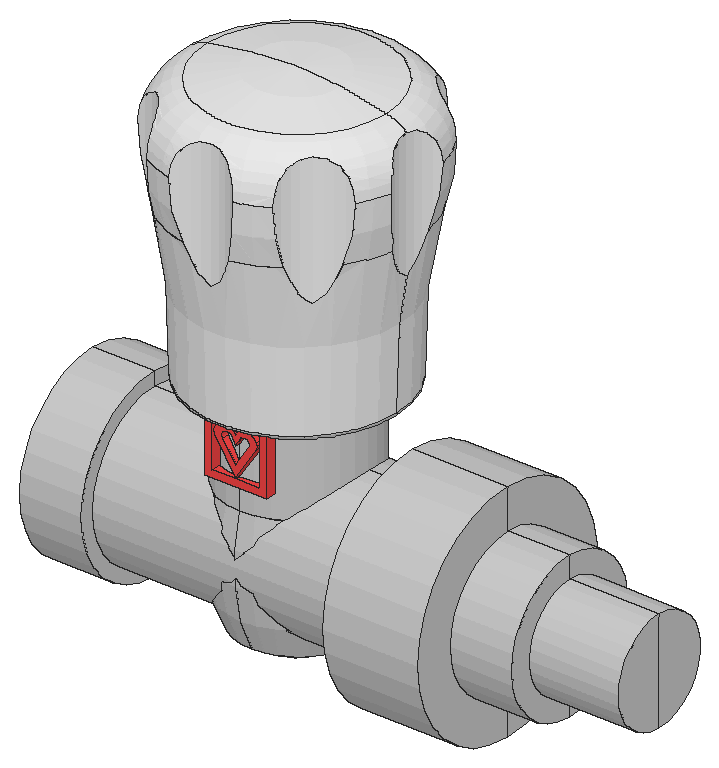
Revit family "GP Heizkörperregulierventil DG 5523", category Rohrzubehör, Revit 2021
Family settings
  Bemaßung runder Anschluss = Durchmesser verwenden
  Teiletyp = Unterbricht
  OmniClass-Nummer = 23.65.55.14
  OmniClass-Titel = Valves for Liquid Services
  Arbeitsebenenbasiert = Nein
  Immer vertikal = Ja
  Beim Laden mit Abzugskörper schneiden = Nein
  Gemeinsam genutzt = Nein
Parameters
  W01 = 60.00°  # constant formula
  Vorgabe-Ansicht = 0.000 mm
  URL = "www.herz-armaturen.at"
  SCRNSEQ = "ARM;ARM_TYP=\"ALLF\";2"
  SCRNCODE = "05;00;02"  # constant formula
  S04 = 45.000 mm  # constant formula
  S03 = 61.000 mm  # constant formula
  S02 [instance] = L05 + L06 + L07  # 53.300 mm
  S01 = 10.000 mm  # constant formula
  R05 = 25.000 mm  # constant formula
  R04 = 2.000 mm  # constant formula
  R03 = 28.000 mm  # constant formula
  R02 = 11.500 mm  # constant formula
  R01 = 10.500 mm  # constant formula
  Nennweite [instance] = 15.000 mm
  Medium = "Heizwasserqualität entsprechend ÖNORM H 5195 bzw. VDI-Richtllinie 2035."
  Max.Betriebstemperatur = 120 °C  # constant formula
  Max.Betriebsdruck = 1000000.0 Pa  # constant formula
  LO1 = 10.500 mm  # constant formula
  L07 [instance] = size_lookup("5523_", "L7", 1.000 mm, Nennweite)  # 22.300 mm
  L06 [instance] = size_lookup("5523_", "L6", 1.000 mm, Nennweite)  # 14.000 mm
  L05 [instance] = L02 - L04  # 17.000 mm
  L04 [instance] = size_lookup("5523_", "L4", 1.000 mm, Nennweite)  # 8.000 mm
  L03 [instance] = size_lookup("5523_", "L3", 1.000 mm, Nennweite)  # 9.000 mm
  L02 [instance] = size_lookup("5523_", "L2", 1.000 mm, Nennweite)  # 25.000 mm
  L01 [instance] = size_lookup("5523_", "L1", 1.000 mm, Nennweite)  # 30.000 mm
  Hersteller = "HERZ Armaturen Ges.m.b.H."  # constant formula
  Handrad = "Kunststoff, weiß"  # constant formula
  H02 = 25.500 mm  # constant formula
  H01 = 17.000 mm  # constant formula
  Gehäuse = "vernickeltes Messing"  # constant formula
  GTI [instance] = size_lookup("5523_", "GT1", 1.000 mm, Nennweite)  # 13.200 mm
  GT [instance] = size_lookup("5523_", "GT", 1.000 mm, Nennweite)  # 9.500 mm
  G2 [instance] = Nennweite / 2  # 7.500 mm
  G1 [instance] = Nennweite / 2  # 7.500 mm
  D05 [instance] = size_lookup("5523_", "D5", 1.000 mm, Nennweite)  # 10.650 mm
  D04 [instance] = size_lookup("5523_", "D4", 1.000 mm, Nennweite)  # 16.500 mm
  D03 [instance] = size_lookup("5523_", "D3", 1.000 mm, Nennweite)  # 9.525 mm
  D02 [instance] = size_lookup("5523_", "D2", 1.000 mm, Nennweite)  # 11.500 mm
  D01 [instance] = size_lookup("5523_", "D1", 1.000 mm, Nennweite)  # 13.500 mm
  Bestellnummer [instance] = size_lookup("5523_", "Artnr", 0, Nennweite)  # 1552321
  Ausführungen = "Universalmodelle mit Spezialmuffen für Gewinderohr und Klemmsetanschluss, vernickelt."
Reference planes
  plane 1 "Mitte (Vorne/hinten)": y = 0
  plane 2: z = 0
  plane 3 "Mitte (Links/rechts)": x = 0
Forms (mm)
  Revolve 1, solid, material "Messing, weicher Gelbton, geschweißt", detail levels fine
    sketch origin (0, 0, 0) x (1, 0, 0) y (0, 0, 1)
      loop
        line (-20.5, 0) -> (25, 0) -> (25, 9.525) -> (17, 9.525) -> (17, 11.5) -> (-21, 11.5) -> (-21, 13.5) -> (-30, 13.5) -> (-30, 7.5) -> (-20.5, 7.5) -> (-20.5, 0)
      axis (-30, 0) -> (25, 0)
    angle from 0 to 360
  Revolve 2, solid, material "Messing, weicher Gelbton, geschweißt", detail levels fine
    sketch origin (0, 0, 0) x (0, 1, 0) y (0, 0, 1)
      loop
        line (0, 25.5) -> (-10.5, 25.5) -> (-10.5, 7)
        arc (-10.5, 7) -> (-11.341, -2.816) -> (-8.325, -12.194) r 25
        line (-8.325, -12.194) -> (0, -17) -> (0, 25.5)
      axis (0, -17) -> (0, 25.5)
    angle from 0 to 360
  Revolve 3, solid, material "Messing, weicher Gelbton, geschweißt", detail levels fine
    sketch origin (0, 0, 0) x (1, 0, 0) y (0, 0, 1)
      loop
        line (25, 0) -> (53.3, 0) -> (53.3, 7.5) -> (40.1, 7.5) -> (40.1, 10.65) -> (31, 10.65) -> (31, 16.5) -> (17, 16.5) -> (17, 9.525) -> (25, 9.525) -> (25, 0)
      axis (17, 0) -> (53.3, 0)
    angle from 0 to 360
Lines and regions (mm)
  model lines, detail levels coarse+medium
    curve 1: line (-30, 0, 13.5) -> (-30, 0, -13.5)
    curve 2: line (-30, 0, -13.5) -> (30, 0, 13.5)
    curve 3: line (30, 0, 13.5) -> (30, 0, -13.5)
    curve 4: line (30, 0, -13.5) -> (-30, 0, 13.5)
    curve 5: line (30, 0, 13.5) -> (40, 0, 13.5)
    curve 6: line (40, 0, 13.5) -> (30, 0, 0)
    curve 7: line (30, 0, -13.5) -> (40, 0, -13.5)
    curve 8: line (40, 0, -13.5) -> (30, 0, 0)
    curve 9: line (30, 0, 0) -> (53.3, 0, 0)
    curve 10: line (0, 0, 0) -> (0, 0, 61)
    curve 11: line (-22.5, 0, 61) -> (22.5, 0, 61)
    curve 12: line (-30, 13.5, 0) -> (-30, -13.5, 0)
    curve 13: line (-30, -13.5, 0) -> (30, 13.5, 0)
    curve 14: line (30, 13.5, 0) -> (30, -13.5, 0)
    curve 15: line (30, -13.5, 0) -> (-30, 13.5, 0)
    curve 16: line (0, 0, 0) -> (0, 61, 0)
    curve 17: line (-22.5, 61, 0) -> (22.5, 61, 0)
    curve 18: line (30, 13.5, 0) -> (40, 13.5, 0)
    curve 19: line (40, 13.5, 0) -> (30, 0, 0)
    curve 20: line (30, -13.5, 0) -> (40, -13.5, 0)
    curve 21: line (40, -13.5, 0) -> (30, 0, 0)
Dimensions and locks
  "L01": Revolve 1 sketch curve to plane 3 "Mitte (Links/rechts)"
  "L02": Revolve 1 sketch curve to plane 3 "Mitte (Links/rechts)"
  "G1": Revolve 1 sketch curve to plane 2
  "GT": Revolve 1 sketch curve to Revolve 1 sketch curve
  "D01": Revolve 1 sketch curve to Revolve 1 sketch curve
  "D02": Revolve 1 sketch curve to Revolve 1 sketch curve
  "D03": Revolve 1 sketch curve to Revolve 1 sketch curve
  "L03": Revolve 1 sketch curve to Revolve 1 sketch curve
  "L04": Revolve 1 sketch curve to Revolve 1 sketch curve
  "H01": plane 2 to Revolve 2 sketch curve
  "H02": Revolve 2 sketch curve to plane 2
  "R01": Revolve 2 sketch curve to plane 1 "Mitte (Vorne/hinten)"
  "R02": Revolve 2 sketch curve to plane 1 "Mitte (Vorne/hinten)"
  "D03": Revolve 3 sketch curve to plane 2
  "L04": Revolve 3 sketch curve to Revolve 3 sketch curve
  "L05": Revolve 3 sketch curve to plane 3 "Mitte (Links/rechts)"
  "L06": Revolve 3 sketch curve to Revolve 3 sketch curve
  "L07": Revolve 3 sketch curve to Revolve 3 sketch curve
  "D04": Revolve 3 sketch curve to Revolve 3 sketch curve
  "G2": Revolve 3 sketch curve to Revolve 3 sketch curve
  "D05": Revolve 3 sketch curve to Revolve 3 sketch curve
  "GTI": Revolve 3 sketch curve to Revolve 3 sketch curve
  "LO1": nested 2 to plane 2
  "LO1": nested 1 to nested 2
  "D01": curve 4 to plane 2 to curve 2
  "D01": curve 3 to plane 2 to curve 4
  "L01": curve 1 to plane 3 "Mitte (Links/rechts)" to curve 3
  "S01": curve 3 to curve 6
  "S02": curve 9 to plane 3 "Mitte (Links/rechts)"
  "S03": curve 10 to plane 2
  equal spacing: curve 11, curve 10, curve 11
  "S04": curve 11 to curve 11
  "L01": curve 12 to plane 3 "Mitte (Links/rechts)" to curve 14
  "D01": curve 13 to plane 1 "Mitte (Vorne/hinten)" to curve 15
  "D01": curve 15 to plane 1 "Mitte (Vorne/hinten)" to curve 14
  "S03": plane 1 "Mitte (Vorne/hinten)" to curve 16
  equal spacing: curve 17, plane 3 "Mitte (Links/rechts)", curve 17
  "S04": curve 17 to curve 17
  "S01": curve 14 to curve 19
  "S01": curve 14 to curve 21
  "R05": radius of Revolve 2 sketch curve
  "W01": angle Revolve 2 sketch curve to Revolve 2 sketch curve
  aligned and locked: level to plane 2
Automatic sketch dimensions
  curve 10 to level = 0.000 mm
  curve 9 to level = 0.000 mm
  curve 3 to curve 7 = 10.000 mm
  curve 16 to plane 3 "Mitte (Links/rechts)" = 0.000 mm
  plane 1 "Mitte (Vorne/hinten)" to curve 19 = 0.000 mm
  Revolve 1 sketch curve to level = 0.000 mm  (x2)
  Revolve 1 sketch curve to Revolve 1 sketch curve = 1436.530 mm
  Revolve 1 sketch curve to Revolve 1 sketch curve = 1779.148 mm
  Revolve 2 sketch curve to plane 1 "Mitte (Vorne/hinten)" = 0.000 mm  (x2)
  Revolve 2 sketch curve to level = 0.000 mm
  Revolve 2 sketch curve to Revolve 2 sketch curve = 98.333 mm
  Revolve 2 sketch curve to Revolve 2 sketch curve = 1236.335 mm
  Revolve 3 sketch curve to level = 0.000 mm  (x2)
  Revolve 3 sketch curve to plane 3 "Mitte (Links/rechts)" = 1506.530 mm
  Revolve 3 sketch curve to Revolve 3 sketch curve = 1789.648 mm
Nested families
  nested 1: "Handrad-Heizkörperventile" at (0, 0, 20), type "Handrad-Heizkörperventile", detail levels fine
  nested 2: "Herz-Logo-vorne" at (0, -10.5, 15) x (0, 1, 0) z (0, 0, 1), type "Herz-Logo-vorne", detail levels fine
Connectors
  piping at (-20.5, 0, 0), diameter 15, driven by "Nennweite"
    settings: on Revolve 1, index 1, connector inside diameter 609.6 mm, connector length 0.000 mm, flow factor 0, pipe flow 0.0 L/s, pressure drop 0.0 Pa, fitting loss kfactor 0, connector angle 0.00°, fixture units 0, engagement length 0.000 mm, angle of deflection 0.00°, flow configuration 0, flow direction 1, fitting loss method 0, system type 7, joint type 0, gender type 0, connector reference index -1, connector utility 0, adjustable connector no, is connector primary yes, connector description ""
  piping at (53.3, 0, 0), diameter 15, driven by "Nennweite"
    settings: on Revolve 3, index 2, connector inside diameter 609.6 mm, connector length 0.000 mm, flow factor 0, pipe flow 0.0 L/s, pressure drop 0.0 Pa, fitting loss kfactor 0, connector angle 0.00°, fixture units 0, engagement length 0.000 mm, angle of deflection 0.00°, flow configuration 0, flow direction 2, fitting loss method 0, system type 7, joint type 0, gender type 0, connector reference index -1, connector utility 0, adjustable connector no, is connector primary no, connector description ""
Definition of nested family "Handrad-Heizkörperventile"
  Parameters (values of type "Handrad-Heizkörperventile")
    Default Elevation = 0.000 mm
    T01 = 5.500 mm  # constant formula
    R01 = 10.500 mm  # constant formula
  Reference planes
    plane 1 "Mitte (Vorne/hinten)": y = 0
    plane 2: z = 0
    plane 3 "Mitte (Links/rechts)": x = 0
  Forms (mm)
    Revolve 1, solid, detail levels fine
      sketch origin (0, 0, 0) x (1, 0, 0) y (0, 0, 1)
        loop
          line (10.5, 0) -> (14.25, 0)
          arc (14.25, 0) -> (14.604, 0.146) -> (14.75, 0.5) r 0.5
          arc (14.75, 0.5) -> (15.098, 12.356) -> (17.195, 24.03) r 80
          arc (17.195, 24.03) -> (18.172, 28.281) -> (18.5, 32.63) r 29
          arc (18.5, 32.63) -> (17.011, 36.946) -> (13.177, 39.426) r 7
          arc (13.177, 39.426) -> (6.637, 40.626) -> (0, 41.028) r 55
          line (0, 41.028) -> (0, 5.5) -> (10.5, 5.5) -> (10.5, 0)
        axis (0, 41.028) -> (0, 0)
      angle from 0 to 360
    Extrusion 2, void
      sketch origin (0, 0, 0) x (1, 0, 0) y (0, 1, 0)
        loop
          arc (-16.011, 9.268) -> (-11.314, 11.314) -> (-9.268, 16.011) r 7
          arc (-9.268, 16.011) -> (-13.081, 13.081) -> (-16.011, 9.268) r 18.5
        loop
          arc (16.011, 9.268) -> (13.081, 13.081) -> (9.268, 16.011) r 18.5
          arc (9.268, 16.011) -> (11.314, 11.314) -> (16.011, 9.268) r 7
        loop
          arc (-16.011, -9.268) -> (-13.081, -13.081) -> (-9.268, -16.011) r 18.5
          arc (-9.268, -16.011) -> (-11.314, -11.314) -> (-16.011, -9.268) r 7
        loop
          arc (16.011, -9.268) -> (11.314, -11.314) -> (9.268, -16.011) r 7
          arc (9.268, -16.011) -> (13.081, -13.081) -> (16.011, -9.268) r 18.5
        loop
          arc (17.953, 4.58) -> (16.078, -0.188) -> (17.953, -4.956) r 7
          arc (17.953, -4.956) -> (18.578, -0.188) -> (17.953, 4.58) r 18.5
        loop
          arc (-17.953, 4.58) -> (-18.578, -0.188) -> (-17.953, -4.956) r 18.5
          arc (-17.953, -4.956) -> (-16.078, -0.188) -> (-17.953, 4.58) r 7
        loop
          arc (-4.58, 17.953) -> (0.188, 16.078) -> (4.956, 17.953) r 7
          arc (4.956, 17.953) -> (0.188, 18.578) -> (-4.58, 17.953) r 18.5
        loop
          arc (-4.58, -17.953) -> (0.188, -18.578) -> (4.956, -17.953) r 18.5
          arc (4.956, -17.953) -> (0.188, -16.078) -> (-4.58, -17.953) r 7
      from 15.609 to 43.011
  Cuts and joins
    Extrusion 2 cuts Revolve 1
  Dimensions and locks
    "R01": Revolve 1 sketch curve to Revolve 1 sketch curve
    Revolve 1 sketch curve to plane 3 "Mitte (Links/rechts)" = 14.750 mm
    "T01": Revolve 1 sketch curve to Revolve 1 sketch curve
    aligned and locked: level to plane 2
  Automatic sketch dimensions
    Extrusion 2 sketch curve to Extrusion 2 sketch curve = 0.000 mm  (x14)
    plane 1 "Mitte (Vorne/hinten)" to Extrusion 2 sketch curve = 0.000 mm
    Extrusion 2 sketch curve to plane 3 "Mitte (Links/rechts)" = 0.000 mm
    Extrusion 2 sketch curve to plane 3 "Mitte (Links/rechts)" = 0.078 mm
    Extrusion 2 sketch curve to plane 3 "Mitte (Links/rechts)" = 16.263 mm  (x2)
    plane 1 "Mitte (Vorne/hinten)" to Extrusion 2 sketch curve = 0.188 mm  (x2)
    Extrusion 2 sketch curve to Extrusion 2 sketch curve = 6.815 mm  (x4)
    plane 3 "Mitte (Links/rechts)" to Extrusion 2 sketch curve = 0.078 mm
    plane 3 "Mitte (Links/rechts)" to Extrusion 2 sketch curve = 0.188 mm  (x2)
    plane 1 "Mitte (Vorne/hinten)" to Extrusion 2 sketch curve = 0.078 mm
    Extrusion 2 sketch curve to Extrusion 2 sketch curve = 0.110 mm  (x2)
    Extrusion 2 sketch curve to plane 1 "Mitte (Vorne/hinten)" = 0.078 mm
    plane 3 "Mitte (Links/rechts)" to Extrusion 2 sketch curve = 16.263 mm  (x2)
    plane 1 "Mitte (Vorne/hinten)" to Extrusion 2 sketch curve = 16.263 mm  (x2)
    Extrusion 2 sketch curve to plane 1 "Mitte (Vorne/hinten)" = 16.263 mm  (x2)
    Extrusion 2 sketch curve to plane 3 "Mitte (Links/rechts)" = 4.580 mm  (x2)
    Extrusion 2 sketch curve to Extrusion 2 sketch curve = 4.688 mm  (x2)
    Extrusion 2 sketch curve to Extrusion 2 sketch curve = 0.252 mm  (x4)
    Extrusion 2 sketch curve to Extrusion 2 sketch curve = 1.942 mm  (x4)
    Extrusion 2 sketch curve to Extrusion 2 sketch curve = 4.312 mm  (x4)
    Revolve 1 sketch curve to plane 3 "Mitte (Links/rechts)" = 0.000 mm  (x2)
    Revolve 1 sketch curve to level = 0.000 mm
    Revolve 1 sketch curve to plane 3 "Mitte (Links/rechts)" = 10.500 mm
    plane 3 "Mitte (Links/rechts)" to Revolve 1 sketch curve = 11.500 mm
    Revolve 1 sketch curve to Revolve 1 sketch curve = 0.500 mm
    level to Revolve 1 sketch curve = 4.086 mm
    Revolve 1 sketch curve to Revolve 1 sketch curve = 79.920 mm
    Revolve 1 sketch curve to level = 13.972 mm
    Revolve 1 sketch curve to Revolve 1 sketch curve = 27.130 mm
    Revolve 1 sketch curve to Revolve 1 sketch curve = 8.398 mm
    Revolve 1 sketch curve to Revolve 1 sketch curve = 0.000 mm
    Revolve 1 sketch curve to Revolve 1 sketch curve = 1.305 mm
    Revolve 1 sketch curve to Revolve 1 sketch curve = 352.073 mm
    Revolve 1 sketch curve to Revolve 1 sketch curve = 2173.287 mm
Definition of nested family "Herz-Logo-vorne"
  Parameters (values of type "Herz-Logo-vorne")
    Default Elevation = 0.000 mm
  Reference planes
    plane 1 "Mitte (Vorne/hinten)": y = 0
    plane 2: z = 0
    plane 3 "Mitte (Links/rechts)": x = 0
  Forms (mm)
    Extrusion 1, solid
      sketch origin (0.732, -0.018, 0.017) x (0, -1, 0) y (0, 0, 1)
        loop
          line (-0.018, -4.517) -> (4.482, -4.517) -> (4.482, 4.483) -> (-4.518, 4.483) -> (-4.518, -4.517) -> (-0.018, -4.517)
        loop
          line (-0.05, -3.48) -> (3.482, -3.48) -> (3.482, 3.483) -> (-3.518, 3.483) -> (-3.518, -3.48) -> (-0.05, -3.48)
        loop
          arc (-0.018, 2.383) -> (-1.543, 3.287) -> (-3.067, 2.383) r 1.738
          arc (-3.067, 2.383) -> (-3.191, 1.899) -> (-3.067, 1.415) r 1.009
          line (-3.067, 1.415) -> (-0.018, -3.281) -> (3.032, 1.415)
          arc (3.032, 1.415) -> (3.156, 1.899) -> (3.032, 2.383) r 1.009
          arc (3.032, 2.383) -> (1.507, 3.287) -> (-0.018, 2.383) r 1.738
        loop
          arc (1.885, 1.272) -> (2.005, 1.675) -> (1.885, 2.079) r 0.74
          arc (1.885, 2.079) -> (1.265, 2.416) -> (0.644, 2.079) r 0.74
          line (0.644, 2.079) -> (-0.018, 0.97) -> (-0.679, 2.079)
          arc (-0.679, 2.079) -> (-1.3, 2.416) -> (-1.921, 2.079) r 0.74
          arc (-1.921, 2.079) -> (-2.04, 1.675) -> (-1.921, 1.272) r 0.74
          line (-1.921, 1.272) -> (-0.018, -1.658) -> (1.885, 1.272)
      from 0 to 1.5
  Dimensions and locks
    aligned and locked: level to plane 2
